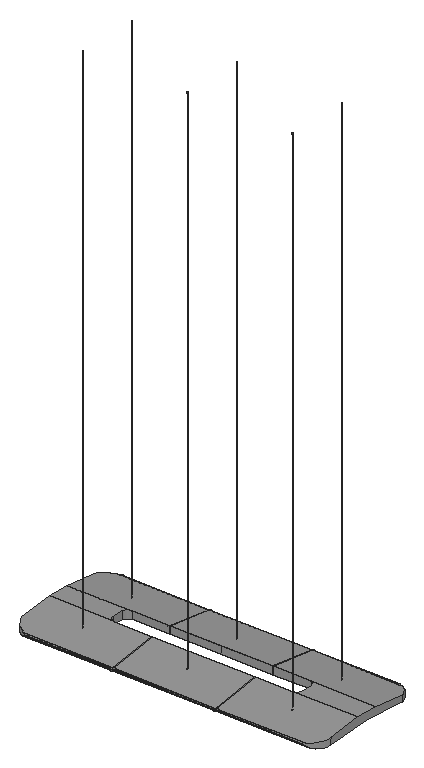
Revit family "Haworth_BuzziZepp_Lighting_EU_PRELIMINARY", category Furniture, Revit 2018
Family settings
  OmniClass Number = 23.40.70.14.64.21
  OmniClass Title = Systems Furniture
  Work Plane-Based = No
  Always vertical = Yes
  Cut with Voids When Loaded = No
  Shared = No
  Room Calculation Point = No
Parameters (values of type "Medium")
  Warranty = "http://www.haworth.com/resources/product-info/warranties"
  URL - Product = "https://www.haworth.com/eu/en/products/acoustic-accessories/buzzizepp.html"
  URL = "https://www.haworth.com/eu/en.html"
  Small = no
  Size = "Verify Final Dim. w/ Haworth"  # constant formula
  Revision Number = "1"  # constant formula
  Model = "BuzziZepp"  # constant formula
  Medium = not(Small)  # yes
  Manufacturer = "Haworth"  # constant formula
  Fabric Finish [instance] = Haworth _ Fabric _ Undecided _ Screen
  Description = "Haworth - BuzziZepp - Lighting"  # constant formula
  Cable Finish [instance] = Haworth _ Paint _ Black BTR-9005
  Author = "Haworth (Abd Rahman)"  # constant formula
  Assembly Code = "E2020200"
  Actual Width = if(Small, 199.9952 cm, 299.9978 cm)  # 299.9978 cm
  Actual Height = 500.003 cm  # constant formula
  Actual Depth = 116.9888 cm  # constant formula
Types (2, lengths in cm): name | Small | Medium | Actual Width
  Medium | no | yes | 299.9978
  Small | yes | no | 199.9952
Reference planes (cm)
  plane 1: z = 254.8499
  plane 2 "Back": y = 62.9394
  plane 3 "Front": y = -54.0494
  plane 4 "Right": x = 232.0563
  plane 5 "Left": x = -67.9415
  plane 6: x = 82.0574
  plane 7: y = 4.445
  plane 8: x = 32.0578
  plane 9: x = 132.0571
  plane 10 "left 1": x = 31.9387
  plane 11 "right 1": x = 132.1761
  plane 12: z = 754.8529
  plane 13: z = 754.3519
  plane 14: x = -19.9428
  plane 15: x = 184.0576
Forms (cm)
  Extrusion 1, void
    sketch origin (0, 0, 0) x (1, 0, 0) y (0, 1, 0)
      loop
        arc (-4.8731, 14.9674) -> (-8.4652, 13.4795) -> (-9.9531, 9.8874) r 5.08
        line (-9.9531, 9.8874) -> (-9.9531, -1.1526)
        arc (-9.9531, -1.1526) -> (-8.4652, -4.7447) -> (-4.8731, -6.2326) r 5.08
        line (-4.8731, -6.2326) -> (82.0574, -6.2326) -> (168.988, -6.2326)
        arc (168.988, -6.2326) -> (172.5801, -4.7447) -> (174.068, -1.1526) r 5.08
        line (174.068, -1.1526) -> (174.068, 9.8874)
        arc (174.068, 9.8874) -> (172.5801, 13.4795) -> (168.988, 14.9674) r 5.08
        line (168.988, 14.9674) -> (82.0263, 14.9674) -> (-4.8731, 14.9674)
    from 201.8825 to 290.6466
  Extrusion 2, solid, material "Haworth _ Fabric _ Undecided _ Screen" <- "Fabric Finish"
    sketch origin (-67.9415, 0, 0) x (0, 1, 0) y (0, 0, -1)
      loop
        arc (-53.0213, -245.0918) -> (-53.4455, -245.438) -> (-53.7593, -245.8868) r 1.9908
        line (-53.7593, -245.8868) -> (-54.026, -247.195)
        arc (-54.026, -247.195) -> (-53.9499, -247.5848) -> (-53.6197, -247.8057) r 0.5172
        arc (-53.6197, -247.8057) -> (-29.7957, -251.8045) -> (-5.7791, -254.4078) r 414.2411
        arc (-5.7791, -254.4078) -> (4.6194, -254.8177) -> (15.0179, -254.4078) r 132.08
        arc (15.0179, -254.4078) -> (38.8671, -251.8276) -> (62.5269, -247.8712) r 414.2411
        arc (62.5269, -247.8712) -> (62.8621, -247.6472) -> (62.9394, -247.2516) r 0.5246
        line (62.9394, -247.2516) -> (62.6678, -245.9209)
        arc (62.6678, -245.9209) -> (62.4705, -245.4633) -> (62.1068, -245.1229) r 1.2196
        arc (62.1068, -245.1229) -> (60.8753, -244.5325) -> (59.5514, -244.1976) r 6.8658
        arc (59.5514, -244.1976) -> (56.0567, -243.8656) -> (52.5465, -243.9087) r 32.8373
        arc (52.5465, -243.9087) -> (49.8833, -244.1345) -> (47.2304, -244.4605) r 70.8867
        arc (47.2304, -244.4605) -> (4.3492, -247.491) -> (-38.5319, -244.4574) r 304.7392
        arc (-38.5319, -244.4574) -> (-40.1949, -244.2317) -> (-41.8607, -244.0272) r 132.08
        arc (-41.8607, -244.0272) -> (-46.168, -243.8125) -> (-50.466, -244.1665) r 32.6965
        arc (-50.466, -244.1665) -> (-51.7899, -244.5014) -> (-53.0213, -245.0918) r 6.8658
    from -99.8802 to 0
  Extrusion 3, solid, material "Haworth _ Fabric _ Undecided _ Screen" <- "Fabric Finish"
    sketch origin (232.0563, 0, 0) x (0, 1, 0) y (0, 0, 1)
      loop
        arc (-53.0213, 245.0918) -> (-51.7899, 244.5014) -> (-50.466, 244.1665) r 6.8658
        arc (-50.466, 244.1665) -> (-46.168, 243.8125) -> (-41.8607, 244.0272) r 32.6965
        arc (-41.8607, 244.0272) -> (-40.1949, 244.2317) -> (-38.5319, 244.4574) r 132.08
        arc (-38.5319, 244.4574) -> (4.3492, 247.491) -> (47.2304, 244.4605) r 304.7392
        arc (47.2304, 244.4605) -> (49.8833, 244.1345) -> (52.5465, 243.9087) r 70.8867
        arc (52.5465, 243.9087) -> (56.0567, 243.8656) -> (59.5514, 244.1976) r 32.8373
        arc (59.5514, 244.1976) -> (60.8753, 244.5325) -> (62.1068, 245.1229) r 6.8658
        arc (62.1068, 245.1229) -> (62.4705, 245.4633) -> (62.6678, 245.9209) r 1.2196
        line (62.6678, 245.9209) -> (62.9394, 247.2516)
        arc (62.9394, 247.2516) -> (62.8621, 247.6472) -> (62.5269, 247.8712) r 0.5246
        arc (62.5269, 247.8712) -> (38.8671, 251.8276) -> (15.0179, 254.4078) r 414.2411
        arc (15.0179, 254.4078) -> (4.6194, 254.8177) -> (-5.7791, 254.4078) r 132.08
        arc (-5.7791, 254.4078) -> (-29.7957, 251.8045) -> (-53.6197, 247.8057) r 414.2411
        arc (-53.6197, 247.8057) -> (-53.9499, 247.5848) -> (-54.026, 247.195) r 0.5172
        line (-54.026, 247.195) -> (-53.7593, 245.8868)
        arc (-53.7593, 245.8868) -> (-53.4455, 245.438) -> (-53.0213, 245.0918) r 1.9908
    from -99.8802 to 0
  Extrusion 4, solid, material "Haworth _ Fabric _ Undecided _ Screen" <- "Fabric Finish", visible <- "Medium"
    sketch origin (33.6585, 0, 0) x (0, 1, 0) y (0, 0, -1)
      loop
        arc (-54.026, -247.195) -> (-53.9499, -247.5848) -> (-53.6197, -247.8057) r 0.5172
        arc (-53.6197, -247.8057) -> (-29.7957, -251.8045) -> (-5.7791, -254.4078) r 414.2411
        arc (-5.7791, -254.4078) -> (4.6194, -254.8177) -> (15.0179, -254.4078) r 132.08
        arc (15.0179, -254.4078) -> (38.8671, -251.8276) -> (62.5269, -247.8712) r 414.2411
        arc (62.5269, -247.8712) -> (62.8621, -247.6472) -> (62.9394, -247.2516) r 0.5246
        line (62.9394, -247.2516) -> (62.6678, -245.9209)
        arc (62.6678, -245.9209) -> (62.4705, -245.4633) -> (62.1068, -245.1229) r 1.2196
        arc (62.1068, -245.1229) -> (60.8753, -244.5325) -> (59.5514, -244.1976) r 6.8658
        arc (59.5514, -244.1976) -> (56.0567, -243.8656) -> (52.5465, -243.9087) r 32.8373
        arc (52.5465, -243.9087) -> (49.8833, -244.1345) -> (47.2304, -244.4605) r 70.8867
        arc (47.2304, -244.4605) -> (4.3492, -247.491) -> (-38.5319, -244.4574) r 304.7392
        arc (-38.5319, -244.4574) -> (-40.1949, -244.2317) -> (-41.8607, -244.0272) r 132.08
        arc (-41.8607, -244.0272) -> (-46.168, -243.8125) -> (-50.466, -244.1665) r 32.6965
        arc (-50.466, -244.1665) -> (-51.7899, -244.5014) -> (-53.0213, -245.0918) r 6.8658
        arc (-53.0213, -245.0918) -> (-53.4455, -245.438) -> (-53.7593, -245.8868) r 1.9908
        line (-53.7593, -245.8868) -> (-54.026, -247.195)
    from -98.3985 to 1.6007
  Extrusion 5, solid, material "Haworth _ Paint _ Black BTR-9005" <- "Cable Finish"
    sketch origin (0, 0, 0) x (1, 0, 0) y (0, 1, 0)
      loop
        circle (-19.9428, -25.634) r 0.2019
      loop
        circle (-19.9428, 34.3652) r 0.2019
      loop
        circle (184.0576, -25.634) r 0.2019
      loop
        circle (184.0576, 34.3652) r 0.2019
    from 754.3519 to 754.8529
  Extrusion 6, solid, material "Haworth _ Paint _ Black BTR-9005" <- "Cable Finish"
    sketch origin (0, 0, 0) x (1, 0, 0) y (0, 1, 0)
      loop
        circle (-19.9428, -25.6341) r 0.079
      loop
        circle (-19.9428, 34.3678) r 0.079
      loop
        circle (184.0576, -25.6341) r 0.079
      loop
        circle (184.0576, 34.3678) r 0.079
    from 254.8499 to 754.8529
  Extrusion 7, solid, material "Haworth _ Paint _ Black BTR-9005" <- "Cable Finish"
    sketch origin (0, 0, -502.1258) x (1, 0, 0) y (0, 1, 0)
      loop
        circle (-19.9428, -25.634) r 0.2019
      loop
        circle (-19.9428, 34.3652) r 0.2019
      loop
        circle (184.0576, -25.634) r 0.2019
      loop
        circle (184.0576, 34.3652) r 0.2019
    from 754.3519 to 754.8529
  Extrusion 8, solid, material "Haworth _ Paint _ Black BTR-9005" <- "Cable Finish", visible <- "Medium"
    sketch origin (31.0028, 0, 0) x (1, 0, 0) y (0, 1, 0)
      loop
        circle (51.0546, -25.634) r 0.2019
      loop
        circle (51.0546, 34.3652) r 0.2019
    from 754.3519 to 754.8529
  Extrusion 9, solid, material "Haworth _ Paint _ Black BTR-9005" <- "Cable Finish", visible <- "Medium"
    sketch origin (22.86, 0, 0) x (1, 0, 0) y (0, 1, 0)
      loop
        circle (59.1974, -25.6341) r 0.079
      loop
        circle (59.1974, 34.3678) r 0.079
    from 252.7271 to 754.8529
  Extrusion 10, solid, material "Haworth _ Paint _ Black BTR-9005" <- "Cable Finish", visible <- "Medium"
    sketch origin (31.0028, 0, -502.1263) x (1, 0, 0) y (0, 1, 0)
      loop
        circle (51.0546, -25.634) r 0.2019
      loop
        circle (51.0546, 34.3652) r 0.2019
    from 754.3519 to 754.8529
  Extrusion 11, void
    sketch origin (0, 0.4763, 0) x (1, 0, 0) y (0, 1, 0)
      loop
        line (232.8247, 41.6564) -> (232.8247, 63.2464) -> (211.2347, 63.2464)
        arc (211.2347, 63.2464) -> (226.5011, 56.9229) -> (232.8247, 41.6564) r 21.59
    from 221.9952 to 267.3652
  Extrusion 12, void
    sketch origin (164.1149, 0.4763, 0) x (-1, 0, 0) y (0, -1, 0)
      loop
        arc (232.8247, -41.6564) -> (226.5011, -56.9229) -> (211.2347, -63.2464) r 21.59
        line (211.2347, -63.2464) -> (232.8247, -63.2464) -> (232.8247, -41.6564)
    from 221.9952 to 267.3652
  Extrusion 13, void
    sketch origin (0, 8.4137, 0) x (1, 0, 0) y (0, 1, 0)
      loop
        arc (232.8247, -41.6564) -> (226.5011, -56.9229) -> (211.2347, -63.2464) r 21.59
        line (211.2347, -63.2464) -> (232.8247, -63.2464) -> (232.8247, -41.6564)
    from 221.9952 to 267.3652
  Extrusion 14, void
    sketch origin (164.1149, 8.4137, 0) x (-1, 0, 0) y (0, -1, 0)
      loop
        line (232.8247, 41.6564) -> (232.8247, 63.2464) -> (211.2347, 63.2464)
        arc (211.2347, 63.2464) -> (226.5011, 56.9229) -> (232.8247, 41.6564) r 21.59
    from 221.9952 to 267.3652
Cuts and joins
  Extrusion 1, Extrusion 12, Extrusion 14 cuts Extrusion 2
  Extrusion 1, Extrusion 11, Extrusion 12, Extrusion 13 cuts Extrusion 3
  Extrusion 1 cuts Extrusion 4
  joined: Extrusion 5, Extrusion 6, Extrusion 7
  joined: Extrusion 8, Extrusion 9, Extrusion 10
Lines and regions (cm)
  Masking region 1
    outline origin (0, 0, 0) x (1, 0, 0) y (0, 1, 0)
      loop
        line (-67.9415, 47.8411) -> (-67.9415, -38.9511)
        arc (-67.9415, -38.9511) -> (-62.4061, -48.4892) -> (-52.8824, -54.0494) r 21.59
        line (-52.8824, -54.0494) -> (216.9973, -54.0494)
        arc (216.9973, -54.0494) -> (226.521, -48.4892) -> (232.0563, -38.9511) r 21.59
        line (232.0563, -38.9511) -> (232.0563, 47.8411)
        arc (232.0563, 47.8411) -> (226.521, 57.3792) -> (216.9973, 62.9394) r 21.59
        line (216.9973, 62.9394) -> (-52.8824, 62.9394)
        arc (-52.8824, 62.9394) -> (-62.4061, 57.3792) -> (-67.9415, 47.8411) r 21.59
  symbolic lines
    curve 1: line (168.988, 14.9674, 0) -> (-4.8731, 14.9674, 0)
    curve 2: line (-4.8731, -6.2326, 0) -> (168.988, -6.2326, 0)
    curve 3: line (-9.9531, 9.8874, 0) -> (-9.9531, -1.1526, 0)
    curve 4: arc (-4.8731, 14.9674, 0) -> (-8.4652, 13.4795, 0) -> (-9.9531, 9.8874, 0) r 5.08
    curve 5: arc (-9.9531, -1.1526, 0) -> (-8.4652, -4.7447, 0) -> (-4.8731, -6.2326, 0) r 5.08
    curve 6: arc (168.988, -6.2326, 0) -> (172.5801, -4.7447, 0) -> (174.068, -1.1526, 0) r 5.08
    curve 7: arc (174.068, 9.8874, 0) -> (172.5801, 13.4795, 0) -> (168.988, 14.9674, 0) r 5.08
    curve 8: line (174.068, -1.1526, 0) -> (174.068, 9.8874, 0)
    curve 9: line (132.1761, -54.0365, 0) -> (132.1761, -6.2326, 0)
    curve 10: line (132.1761, 62.9265, 0) -> (132.1761, 15.1226, 0)
  symbolic lines, visible <- "Medium"
    curve 11: line (31.9387, -54.0365, 0) -> (31.9387, -6.2326, 0)
    curve 12: line (31.9387, 62.9265, 0) -> (31.9387, 15.1226, 0)
Dimensions and locks (cm)
  "Actual Width": plane 5 "Left" to plane 4 "Right"
  "Actual Depth": plane 3 "Front" to plane 2 "Back"
  equal spacing: plane 5 "Left", plane 6, plane 4 "Right"
  equal spacing: plane 2 "Back", plane 7, plane 3 "Front"
  locked: plane 5 "Left" to plane 10 "left 1" at 99.8802
  locked: plane 11 "right 1" to plane 4 "Right" at 99.8802
  "Actual Height": plane 12 to plane 1
  locked: plane 12 to plane 13 at 0.501
  locked: plane 15 to plane 4 "Right" at 47.9987
  locked: plane 5 "Left" to plane 14 at 47.9987
  aligned and locked: plane 4 "Right" to cut or joined group of Extrusion 1, Extrusion 3, Extrusion 11, Extrusion 12, Extrusion 13  (x2)
  aligned and locked: plane 5 "Left" to cut or joined group of Extrusion 1, Extrusion 2, Extrusion 12, Extrusion 14  (x2)
  aligned and locked: plane 8 to Extrusion 4
  aligned and locked: Extrusion 4 to plane 9
  aligned and locked: cut or joined group of Extrusion 1, Extrusion 2, Extrusion 12, Extrusion 14 to plane 10 "left 1"
  aligned and locked: cut or joined group of Extrusion 1, Extrusion 3, Extrusion 11, Extrusion 12, Extrusion 13 to plane 11 "right 1"
  aligned and locked: plane 12 to Extrusion 5
  aligned and locked: plane 12 to Extrusion 6
  aligned and locked: cut or joined group of Extrusion 5, Extrusion 6, Extrusion 7 to plane 13
  aligned and locked: plane 12 to cut or joined group of Extrusion 5, Extrusion 6, Extrusion 7
  aligned and locked: cut or joined group of Extrusion 5, Extrusion 6, Extrusion 7 to plane 12  (x6)
  aligned and locked: plane 13 to cut or joined group of Extrusion 5, Extrusion 6, Extrusion 7  (x6)
  aligned and locked: plane 12 to cut or joined group of Extrusion 8, Extrusion 9, Extrusion 10
  aligned and locked: cut or joined group of Extrusion 8, Extrusion 9, Extrusion 10 to plane 13
  aligned and locked: cut or joined group of Extrusion 8, Extrusion 9, Extrusion 10 to plane 12
  aligned and locked: plane 13 to cut or joined group of Extrusion 8, Extrusion 9, Extrusion 10
  aligned and locked: cut or joined group of Extrusion 1, Extrusion 4 to plane 9
  aligned and locked: plane 5 "Left" to Masking region 1
  aligned and locked: plane 4 "Right" to Masking region 1
  aligned and locked: plane 2 "Back" to Masking region 1
  aligned and locked: plane 3 "Front" to Masking region 1
  aligned and locked: plane 14 to Extrusion 7 sketch curve  (x2)
  aligned and locked: plane 14 to Extrusion 6 sketch curve  (x2)
  aligned and locked: plane 15 to Extrusion 6 sketch curve  (x2)
  aligned and locked: plane 15 to Extrusion 7 sketch curve  (x2)
  aligned and locked: plane 6 to Extrusion 9 sketch curve  (x2)
  aligned and locked: plane 6 to Extrusion 10 sketch curve  (x2)
  aligned and locked: plane 14 to Extrusion 5 sketch curve  (x2)
  aligned and locked: plane 15 to Extrusion 5 sketch curve  (x2)
  aligned and locked: plane 6 to Extrusion 8 sketch curve  (x2)
  aligned and locked: plane 2 "Back" to Extrusion 3 sketch curve
  aligned and locked: plane 2 "Back" to Extrusion 4 sketch curve
  aligned and locked: plane 2 "Back" to Extrusion 2 sketch curve
  aligned and locked: plane 11 "right 1" to curve 9
  aligned and locked: curve 10 to plane 11 "right 1"
  aligned and locked: curve 11 to plane 10 "left 1"
  aligned and locked: plane 10 "left 1" to curve 12
  aligned and locked: Extrusion 6 to plane 1
Automatic sketch dimensions
  Extrusion 1 sketch curve to plane 6 = 0 cm
  plane 6 to Extrusion 1 sketch curve = 0.0312 cm
  plane 7 to Extrusion 1 sketch curve = 5.4424 cm
  Extrusion 1 sketch curve to plane 14 = 15.0697 cm  (x2)
  Extrusion 1 sketch curve to Extrusion 1 sketch curve = 5.08 cm  (x2)
  Extrusion 1 sketch curve to plane 15 = 15.0697 cm  (x2)
  Extrusion 1 sketch curve to plane 7 = 5.5976 cm
  curve 2 to plane 14 = 15.0697 cm
  plane 7 to curve 4 = 5.4424 cm
  curve 4 to curve 5 = 0 cm
  curve 3 to curve 5 = 5.08 cm
  plane 7 to curve 7 = 5.4424 cm
  curve 7 to plane 15 = 15.0697 cm
  curve 2 to curve 8 = 5.08 cm
  curve 6 to plane 7 = 5.5976 cm
  curve 9 to plane 3 "Front" = 0.013 cm
  curve 11 to plane 3 "Front" = 0.013 cm
  plane 7 to curve 12 = 10.6776 cm
  plane 7 to curve 10 = 10.6776 cm
  curve 12 to plane 2 "Back" = 0.013 cm
  curve 10 to plane 2 "Back" = 0.013 cm
  Extrusion 2 sketch curve to plane 2 "Back" = 0.2716 cm
  Extrusion 2 sketch curve to plane 2 "Back" = 0.514 cm
  Extrusion 2 sketch curve to Extrusion 2 sketch curve = 1.195 cm
  Extrusion 2 sketch curve to plane 2 "Back" = 4.4016 cm
  Extrusion 2 sketch curve to plane 2 "Back" = 5.7368 cm
  Extrusion 2 sketch curve to plane 2 "Back" = 8.236 cm
  plane 7 to Extrusion 2 sketch curve = 22.3886 cm
  plane 7 to Extrusion 2 sketch curve = 0.1744 cm
  Extrusion 2 sketch curve to plane 7 = 0.0846 cm
  Extrusion 2 sketch curve to plane 7 = 22.0398 cm
  Extrusion 2 sketch curve to plane 3 "Front" = 8.4107 cm
  Extrusion 2 sketch curve to plane 3 "Front" = 4.5971 cm
  Extrusion 2 sketch curve to plane 3 "Front" = 2.063 cm
  Extrusion 2 sketch curve to plane 3 "Front" = 0.5302 cm
  Extrusion 2 sketch curve to plane 3 "Front" = 0.2901 cm
  Extrusion 2 sketch curve to plane 3 "Front" = 0.0234 cm
  plane 3 "Front" to Extrusion 2 sketch curve = 3.0728 cm
  plane 1 to Extrusion 2 sketch curve = 120.3726 cm
  plane 1 to Extrusion 2 sketch curve = 59.7923 cm
  plane 1 to Extrusion 2 sketch curve = 21.8252 cm
  plane 1 to Extrusion 2 sketch curve = 21.6547 cm
  Extrusion 2 sketch curve to plane 1 = 3.8618 cm
  Extrusion 2 sketch curve to plane 1 = 3.8929 cm
  Extrusion 2 sketch curve to Extrusion 2 sketch curve = 3.6316 cm
  Extrusion 2 sketch curve to Extrusion 2 sketch curve = 3.6587 cm
  Extrusion 2 sketch curve to Extrusion 2 sketch curve = 0.1049 cm
  Extrusion 2 sketch curve to Extrusion 2 sketch curve = 0.1033 cm
  Extrusion 2 sketch curve to Extrusion 2 sketch curve = 0.5058 cm
  Extrusion 2 sketch curve to Extrusion 2 sketch curve = 1.1917 cm
  Extrusion 2 sketch curve to Extrusion 2 sketch curve = 0.2439 cm
  Extrusion 2 sketch curve to Extrusion 2 sketch curve = 1.3082 cm
  level to Extrusion 2 sketch curve = 122.7377 cm
  Extrusion 2 sketch curve to level = 57.2482 cm
  Extrusion 2 sketch curve to Extrusion 2 sketch curve = 101.2994 cm
  Extrusion 2 sketch curve to Extrusion 2 sketch curve = 0 cm  (x11)
  Extrusion 3 sketch curve to plane 2 "Back" = 0.2716 cm
  Extrusion 3 sketch curve to plane 2 "Back" = 0.514 cm
  Extrusion 3 sketch curve to Extrusion 3 sketch curve = 1.195 cm
  Extrusion 3 sketch curve to plane 2 "Back" = 4.4016 cm
  Extrusion 3 sketch curve to plane 2 "Back" = 5.7368 cm
  Extrusion 3 sketch curve to plane 2 "Back" = 8.236 cm
  plane 7 to Extrusion 3 sketch curve = 22.3886 cm
  plane 7 to Extrusion 3 sketch curve = 0.1744 cm
  Extrusion 3 sketch curve to plane 7 = 0.0846 cm
  Extrusion 3 sketch curve to plane 7 = 22.0398 cm
  Extrusion 3 sketch curve to plane 3 "Front" = 8.4107 cm
  Extrusion 3 sketch curve to plane 3 "Front" = 4.5971 cm
  Extrusion 3 sketch curve to plane 3 "Front" = 2.063 cm
  Extrusion 3 sketch curve to plane 3 "Front" = 0.5302 cm
  Extrusion 3 sketch curve to plane 3 "Front" = 0.2901 cm
  Extrusion 3 sketch curve to plane 3 "Front" = 0.0234 cm
  plane 3 "Front" to Extrusion 3 sketch curve = 3.0728 cm
  Extrusion 3 sketch curve to level = 158.5476 cm
  Extrusion 3 sketch curve to Extrusion 3 sketch curve = 0 cm  (x11)
  Extrusion 3 sketch curve to level = 57.2482 cm
  level to Extrusion 3 sketch curve = 122.7377 cm
  Extrusion 3 sketch curve to plane 1 = 8.9632 cm
  Extrusion 3 sketch curve to plane 1 = 8.9291 cm
  Extrusion 3 sketch curve to Extrusion 3 sketch curve = 0.2439 cm
  Extrusion 3 sketch curve to Extrusion 3 sketch curve = 0.9057 cm
  Extrusion 3 sketch curve to Extrusion 3 sketch curve = 1.3082 cm
  Extrusion 3 sketch curve to Extrusion 3 sketch curve = 1.3308 cm
  Extrusion 3 sketch curve to Extrusion 3 sketch curve = 0.1033 cm
  Extrusion 3 sketch curve to Extrusion 3 sketch curve = 0.1049 cm
  Extrusion 3 sketch curve to plane 1 = 3.8929 cm
  Extrusion 3 sketch curve to plane 1 = 3.8618 cm
  plane 1 to Extrusion 3 sketch curve = 21.6547 cm
  plane 1 to Extrusion 3 sketch curve = 21.8252 cm
  Extrusion 3 sketch curve to Extrusion 3 sketch curve = 37.9672 cm
  Extrusion 3 sketch curve to Extrusion 3 sketch curve = 98.7179 cm
  Extrusion 4 sketch curve to plane 2 "Back" = 0.2716 cm
  Extrusion 4 sketch curve to plane 2 "Back" = 0.514 cm
  Extrusion 4 sketch curve to Extrusion 4 sketch curve = 1.195 cm
  Extrusion 4 sketch curve to plane 2 "Back" = 4.4016 cm
  Extrusion 4 sketch curve to plane 2 "Back" = 5.7368 cm
  Extrusion 4 sketch curve to plane 2 "Back" = 8.236 cm
  plane 7 to Extrusion 4 sketch curve = 22.3886 cm
  plane 7 to Extrusion 4 sketch curve = 0.1744 cm
  Extrusion 4 sketch curve to plane 7 = 0.0846 cm
  Extrusion 4 sketch curve to plane 7 = 22.0398 cm
  Extrusion 4 sketch curve to plane 3 "Front" = 8.4107 cm
  Extrusion 4 sketch curve to plane 3 "Front" = 4.5971 cm
  Extrusion 4 sketch curve to plane 3 "Front" = 2.063 cm
  Extrusion 4 sketch curve to plane 3 "Front" = 0.5302 cm
  Extrusion 4 sketch curve to plane 3 "Front" = 0.2901 cm
  Extrusion 4 sketch curve to plane 3 "Front" = 0.0234 cm
  plane 3 "Front" to Extrusion 4 sketch curve = 3.0728 cm
  plane 1 to Extrusion 4 sketch curve = 120.3726 cm
  plane 1 to Extrusion 4 sketch curve = 59.7923 cm
  plane 1 to Extrusion 4 sketch curve = 21.8252 cm
  plane 1 to Extrusion 4 sketch curve = 21.6547 cm
  Extrusion 4 sketch curve to plane 1 = 3.8618 cm
  Extrusion 4 sketch curve to plane 1 = 3.8929 cm
  Extrusion 4 sketch curve to Extrusion 4 sketch curve = 3.6316 cm
  Extrusion 4 sketch curve to Extrusion 4 sketch curve = 3.6587 cm
  Extrusion 4 sketch curve to Extrusion 4 sketch curve = 0.1049 cm
  Extrusion 4 sketch curve to Extrusion 4 sketch curve = 0.1033 cm
  Extrusion 4 sketch curve to Extrusion 4 sketch curve = 0.5058 cm
  Extrusion 4 sketch curve to Extrusion 4 sketch curve = 1.1917 cm
  Extrusion 4 sketch curve to Extrusion 4 sketch curve = 0.2439 cm
  Extrusion 4 sketch curve to Extrusion 4 sketch curve = 1.3082 cm
  level to Extrusion 4 sketch curve = 122.7377 cm
  Extrusion 4 sketch curve to level = 57.2482 cm
  Extrusion 4 sketch curve to Extrusion 4 sketch curve = 101.2994 cm
  Extrusion 4 sketch curve to Extrusion 4 sketch curve = 0 cm  (x11)
  Extrusion 5 sketch curve to plane 3 "Front" = 28.4154 cm  (x2)
  Extrusion 5 sketch curve to plane 2 "Back" = 28.5742 cm  (x2)
  Extrusion 6 sketch curve to plane 3 "Front" = 28.4153 cm  (x2)
  Extrusion 6 sketch curve to plane 2 "Back" = 28.5716 cm  (x2)
  Extrusion 7 sketch curve to plane 3 "Front" = 28.4154 cm  (x2)
  Extrusion 7 sketch curve to plane 2 "Back" = 28.5742 cm  (x2)
  Extrusion 8 sketch curve to plane 3 "Front" = 28.4154 cm
  Extrusion 8 sketch curve to plane 2 "Back" = 28.5742 cm
  Extrusion 9 sketch curve to plane 3 "Front" = 28.4153 cm
  Extrusion 9 sketch curve to plane 2 "Back" = 28.5716 cm
  Extrusion 10 sketch curve to plane 3 "Front" = 28.4154 cm
  Extrusion 10 sketch curve to plane 2 "Back" = 28.5742 cm
  Extrusion 11 sketch curve to plane 4 "Right" = 20.8217 cm
  plane 4 "Right" to Extrusion 11 sketch curve = 0.7683 cm
  Extrusion 11 sketch curve to plane 2 "Back" = 20.8067 cm
  plane 5 "Left" to Extrusion 12 sketch curve = 20.8217 cm
  Extrusion 12 sketch curve to plane 5 "Left" = 0.7683 cm
  plane 2 "Back" to Extrusion 12 sketch curve = 20.8067 cm
  plane 4 "Right" to Extrusion 13 sketch curve = 20.8217 cm
  Extrusion 13 sketch curve to plane 4 "Right" = 0.7683 cm
  plane 3 "Front" to Extrusion 13 sketch curve = 20.8067 cm
  Extrusion 14 sketch curve to plane 5 "Left" = 20.8217 cm
  plane 5 "Left" to Extrusion 14 sketch curve = 0.7683 cm
  Extrusion 14 sketch curve to plane 3 "Front" = 20.8067 cm
  Masking region 1 sketch curve to plane 5 "Left" = 0 cm
  plane 3 "Front" to Masking region 1 sketch curve = 0 cm
  Masking region 1 sketch curve to plane 2 "Back" = 0 cm
  Masking region 1 sketch curve to plane 4 "Right" = 0 cm
  Masking region 1 sketch curve to plane 5 "Left" = 15.0591 cm  (x2)
  Masking region 1 sketch curve to plane 5 "Left" = 20.8217 cm  (x2)
  Masking region 1 sketch curve to plane 4 "Right" = 20.8217 cm  (x2)
  Masking region 1 sketch curve to plane 4 "Right" = 15.0591 cm  (x2)
  Masking region 1 sketch curve to plane 3 "Front" = 15.0983 cm  (x2)
  Masking region 1 sketch curve to plane 2 "Back" = 20.8067 cm  (x2)
  radius of Extrusion 5 sketch curve = 0.2019 cm  (x4)
  radius of Extrusion 6 sketch curve = 0.079 cm  (x4)
  radius of Extrusion 7 sketch curve = 0.2019 cm  (x4)
  radius of Extrusion 8 sketch curve = 0.2019 cm  (x2)
  radius of Extrusion 9 sketch curve = 0.079 cm  (x2)
  radius of Extrusion 10 sketch curve = 0.2019 cm  (x2)
